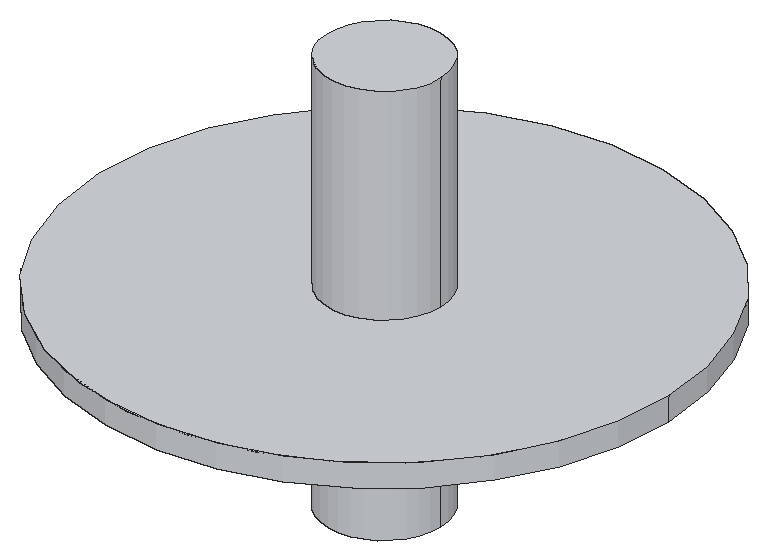
Revit family "M_灑水頭 - 懸吊式 - 半嵌壁式 - 主體", category Sprinklers, host Face, Revit 2017
Family settings
  Host = Face
  Maintain Annotation Orientation = Yes
  Round Connector Dimension = Use Radius
  Part Type = Normal
  OmniClass Number = 23.65.70.17.11.24
  OmniClass Title = Fire Fighting Sprinkler Heads
  Cut with Voids When Loaded = No
  Shared = No
  Room Calculation Point = No
Parameters (values of type "15 mm 滴狀")
  Temperature Rating = 57 °C
  符號 [instance] = M_灑水頭 - 符號 - 懸吊式 : 灑水頭 - 符號 - 懸吊式
  Response = Standard
  壓力降 [instance] = 48300.0 Pa
  Pressure Class = Standard
  Orifice Size = 13 mm
  Orifice = Standard
  K-Factor = 81
  流量 [instance] = 2.0 L/s
  孔罩直徑 = 75 mm
  Coverage = Standard
  標稱直徑 = 標稱直徑半徑 * 2  # 15 mm
  標稱直徑半徑 = 7.5 mm
  孔罩半徑 = 0.5 * 孔罩直徑  # 37.5 mm
  突出 = 30 mm
  整體長度 = 60 mm
  孔罩厚度 = 3 mm
  Default Elevation = 2400 mm
  CEL = 7 mm
  Assembly Code = ""
Types (8, lengths in mm): name | 符號 | 壓力降 | Orifice Size | K-Factor | 流量 | 標稱直徑 | 標稱直徑半徑 | 突出 | 整體長度 | CEL
  15 mm 滴狀 | M_灑水頭 - 符號 - 懸吊式 : 灑水頭 - 符號 - 懸吊式 | 48300.0 Pa | 13 | 81 | 2.0 L/s | 15 | 7.5 | 30 | 60 | 7
  15 mm 滴狀下垂 | M_灑水頭 - 符號 - 懸吊式滴狀下垂 : 灑水頭 - 符號 - 懸吊式滴狀下垂 | 48300.0 Pa | 13 | 81 | 2.0 L/s | 15 | 7.5 | 30 | 60 | 7
  15 mm 滴狀下垂帶托架 | M_灑水頭 - 符號 - 懸吊式滴狀下垂帶托架 : 灑水頭 - 符號 - 懸吊式滴狀下垂帶托架 | 48300.0 Pa | 13 | 81 | 2.0 L/s | 15 | 7.5 | 30 | 60 | 7
  15 mm 滴狀帶托架 | M_灑水頭 - 符號 - 懸吊式帶托架 : 灑水頭 - 符號 - 懸吊式帶托架 | 48300.0 Pa | 13 | 81 | 2.0 L/s | 15 | 7.5 | 30 | 60 | 7
  20 mm 滴狀 | M_灑水頭 - 符號 - 懸吊式 : 灑水頭 - 符號 - 懸吊式 | 96500.0 Pa | 14 | 115 | 3.0 L/s | 20 | 10 | 34 | 64 | 10
  20 mm 滴狀下垂 | M_灑水頭 - 符號 - 懸吊式滴狀下垂 : 灑水頭 - 符號 - 懸吊式滴狀下垂 | 96500.0 Pa | 14 | 115 | 3.0 L/s | 20 | 10 | 34 | 64 | 10
  20 mm 滴狀下垂帶托架 | M_灑水頭 - 符號 - 懸吊式滴狀下垂帶托架 : 灑水頭 - 符號 - 懸吊式滴狀下垂帶托架 | 96500.0 Pa | 14 | 115 | 3.0 L/s | 20 | 10 | 34 | 64 | 10
  20 mm 滴狀帶托架 | M_灑水頭 - 符號 - 懸吊式帶托架 : 灑水頭 - 符號 - 懸吊式帶托架 | 96500.0 Pa | 14 | 115 | 3.0 L/s | 20 | 10 | 34 | 64 | 10
Reference planes
  plane 1 "中心 (前/後)": y = 0
  plane 2: z = 0
  plane 3 "中心 (左/右)": x = 0
  plane 4: z = -30
  plane 5: z = 3
  plane 6: z = 30
  plane 7: z = -23
Forms (mm)
  Extrusion 1, solid
    sketch origin (0, 0, 0) x (1, 0, 0) y (0, 1, 0)
      loop
        circle (0, 0) r 7.5
    from -23 to 30
  Extrusion 2, solid
    sketch origin (0, 0, 0) x (1, 0, 0) y (0, 1, 0)
      loop
        circle (0, 0) r 37.5
    from 0 to 3
Cuts and joins
  joined: Extrusion 1, Extrusion 2
Dimensions and locks
  "孔罩厚度": plane 5 to level
  "突出": plane 6 to level
  "整體長度": plane 6 to plane 4
  "CEL": plane 7 to plane 4
  "標稱直徑半徑": radius of Extrusion 1 sketch curve
  "孔罩半徑": radius of Extrusion 2 sketch curve
  aligned and locked: plane 2 to host face
  aligned and locked: level to host face
  aligned and locked: Extrusion 2 to level
  aligned and locked: plane 5 to Extrusion 2
  aligned and locked: plane 6 to Extrusion 1
  aligned and locked: Extrusion 1 to plane 7
Automatic sketch dimensions
  Extrusion 1 sketch curve to plane 1 "中心 (前/後)" = 0 mm
  Extrusion 1 sketch curve to plane 3 "中心 (左/右)" = 0 mm
  Extrusion 2 sketch curve to plane 1 "中心 (前/後)" = 0 mm
  Extrusion 2 sketch curve to plane 3 "中心 (左/右)" = 0 mm
  host sketch curve to host sketch curve = 2438.4 mm  (x2)
Nested families
  nested 1: "M_灑水頭 - 符號 - 懸吊式" at (0, 0, 0), type <- "符號", type "灑水頭 - 符號 - 懸吊式"
Connectors
  piping at (0, 0, -23), diameter 15, driven by "標稱直徑半徑", driven by "流量", driven by "壓力降"
    settings: on cut or joined group of Extrusion 1, Extrusion 2, index 1, connector inside diameter 15 mm, connector length 0 mm, flow factor 0, pipe flow 2.0 L/s, pressure drop 48300.0 Pa, fitting loss kfactor 0, connector angle 0.00°, fixture units 0, engagement length 0 mm, angle of deflection 0.00°, flow configuration 1, flow direction 1, fitting loss method 4, system type 23, joint type 0, gender type 0, connector reference index -1, connector utility 0, adjustable connector no, is connector primary yes, connector description "于"
Definition of nested family "M_灑水頭 - 符號 - 懸吊式"
  Parameters
    符號半徑 = 0.5 * 符號直徑  # 1.5 mm
    符號直徑 = 3 mm
  Reference planes
    plane 1: y = 0
    plane 2: x = 0
  Lines and regions (mm)
    detail lines
      curve 1: circle (0, 0, 0) r 1.5 normal (0, 0, 1)
  Dimensions and locks
    "符號半徑": radius of curve 1
  Automatic sketch dimensions
    curve 1 to plane 1 = 0 mm
    curve 1 to plane 2 = 0 mm
